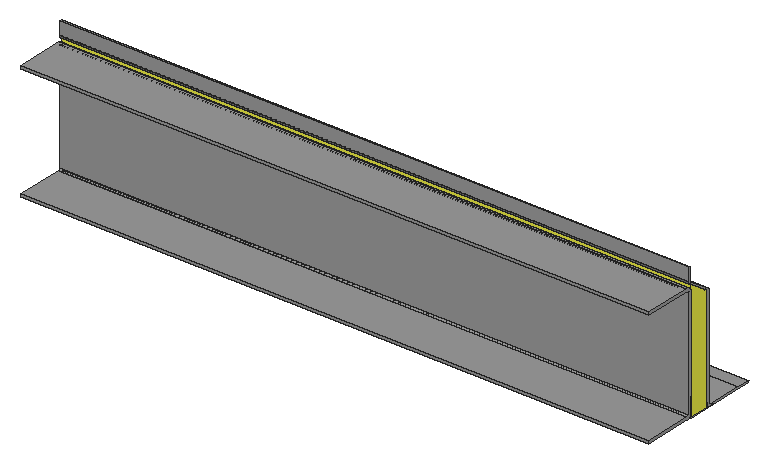
Revit family "K 50", category Generic Models, Revit 2014
Parameters (values of type "Max lintel length 3000mm")
  URL = "http://www.keystonelintels.co.uk"
  Structural Opening [instance] = 900 mm
  Structural Performance = "The Keystone lintel range has safe working loads as detailed in each applicable loading table in the Keystone Lintel Guide brochure. The structural performance figures within each table have been ascertained by testing in accordance with the requirements of standards BS EN 5977-2: 1983 and BS EN 845-2: 2003."
  RIBA Productor Selector = "available for Keystone Lintels Ltd from Keystone Lintels Ltd from ribaproductselector.com"
  Model = "TJ/K 50"
  Min Length = 600 mm
  Min Clear Span = 300 mm
  Max Length = 3000 mm
  Max Clear Span = 3000 mm
  Material - Stainless Steel = "Grade 304 2b 1.4307 to BS EN 10088-2. Other grades available on request: contact manufacturer."
  Material - Galvanised Steel = "To BS EN 10346: 2009. DX51D plus Z600 or grade Z275 to BS 5977-2: 1983 (BS EN 845-2: 2003)."
  Manufacturer = "Keystone"
  Manufactured Length [instance] = (roundup(Effective Length / 150 mm) * 150 mm)  # 1200 mm
  Lintel height [instance] = 2100 mm
  Keynote = "F30/755"
  Fire Performance = "Keystone lintels have been subjected to a fire test (WARRES No. 101263) in accordance with BS 476-20: 1987, at Exova Warrington Fire and achieved a one hour fire performance."
  End Bearing = 150 mm
  Effective Length [instance] = Clear Opening with MIN MAX set + End Bearing * 2  # 1200 mm
  Corrosion = "Keystone’s standard range of lintels are manufactured from high quality grade pre-galvanized carbon steel with a zinc coating of 600"
  Contact Tel = "+44 (0)28 8676 2184"
  Contact Email = "info@keystonelintels.co.uk"
  Clear Opening with MIN MAX set [instance] = if(Structural Opening < Min Clear Span, Min Clear Span, (if(Structural Opening > Max Clear Span, Max Clear Span, Structural Opening)))  # 900 mm
  CPD Information = "Available for Keystone Lintels Ltd from ribacpd.com"
Reference planes
  plane 1 "Center (Front/Back)": y = 0
  plane 2: z = 0
  plane 3 "Center (Left/Right)": x = 0
  plane 4: x = -600
  plane 5: x = 600
  plane 6: z = 2100
  plane 7: x = -450
  plane 8: x = 450
Forms (mm)
  Extrusion 1, solid, material "Steel"
    sketch origin (0, 696.177, -480.741) x (0, 1, 0) y (0, 0, 1)
      loop
        line (-598.088, 2579.87) -> (-597.977, 2583.068) -> (-622.977, 2583.941) -> (-688.277, 2583.941)
        arc (-688.277, 2583.941) -> (-691.6, 2585.318) -> (-692.977, 2588.641) r 4.7
        line (-692.977, 2588.641) -> (-692.977, 2780.606)
        arc (-692.977, 2780.606) -> (-693.564, 2783.006) -> (-695.192, 2784.864) r 5.2
        line (-695.192, 2784.864) -> (-736.925, 2814.121)
        arc (-736.925, 2814.121) -> (-737.551, 2814.836) -> (-737.777, 2815.759) r 2
        line (-737.777, 2815.759) -> (-737.777, 2840.741) -> (-740.977, 2840.741) -> (-740.977, 2815.759)
        arc (-740.977, 2815.759) -> (-740.39, 2813.359) -> (-738.762, 2811.501) r 5.2
        line (-738.762, 2811.501) -> (-697.029, 2782.244)
        arc (-697.029, 2782.244) -> (-696.402, 2781.529) -> (-696.177, 2780.606) r 2
        line (-696.177, 2780.606) -> (-696.177, 2588.641)
        arc (-696.177, 2588.641) -> (-693.863, 2583.055) -> (-688.277, 2580.741) r 7.9
        line (-688.277, 2580.741) -> (-623.033, 2580.741) -> (-598.088, 2579.87)
    from -600 to 600
  Extrusion 2, solid, material "Steel"
    sketch origin (0, 696.177, -480.754) x (0, 1, 0) y (0, 0, 1)
      loop
        line (-835.996, 2580.754) -> (-743.896, 2580.754)
        arc (-743.896, 2580.754) -> (-738.31, 2583.068) -> (-735.996, 2588.654) r 7.9
        line (-735.996, 2588.654) -> (-735.996, 2797.854)
        arc (-735.996, 2797.854) -> (-738.31, 2803.44) -> (-743.896, 2805.754) r 7.9
        line (-743.896, 2805.754) -> (-835.996, 2805.754) -> (-835.996, 2800.754) -> (-743.896, 2800.754)
        arc (-743.896, 2800.754) -> (-741.845, 2799.905) -> (-740.996, 2797.854) r 2.9
        line (-740.996, 2797.854) -> (-740.996, 2588.654)
        arc (-740.996, 2588.654) -> (-741.845, 2586.603) -> (-743.896, 2585.754) r 2.9
        line (-743.896, 2585.754) -> (-835.996, 2585.754) -> (-835.996, 2580.754)
    from -600 to 600
  Extrusion 3, solid, material "Steel"
    sketch origin (0, 696.177, -480.741) x (0, 1, 0) y (0, 0, 1)
      loop
        line (-679.35, 2579.741) -> (-679.35, 2580.741) -> (-696.35, 2580.741) -> (-696.35, 2588.741) -> (-697.35, 2588.741) -> (-697.35, 2580.741) -> (-731.996, 2580.741)
        arc (-731.996, 2580.741) -> (-734.117, 2581.62) -> (-734.996, 2583.741) r 3
        line (-734.996, 2583.741) -> (-734.996, 2594.441) -> (-734.996, 2618.741) -> (-735.996, 2618.741) -> (-735.996, 2594.441) -> (-735.996, 2583.741)
        arc (-735.996, 2583.741) -> (-734.824, 2580.913) -> (-731.996, 2579.741) r 4
        line (-731.996, 2579.741) -> (-679.35, 2579.741)
    from -600 to 600
  Extrusion 4, solid, material "Insulation"
    sketch origin (0, 696.177, -480.741) x (0, 1, 0) y (0, 0, 1)
      loop
        line (-731.996, 2580.741) -> (-697.35, 2580.741) -> (-697.35, 2588.741) -> (-696.35, 2588.741) -> (-696.35, 2580.741) -> (-688.277, 2580.741)
        arc (-688.277, 2580.741) -> (-693.863, 2583.055) -> (-696.177, 2588.641) r 7.9
        line (-696.177, 2588.641) -> (-696.177, 2780.606)
        arc (-696.177, 2780.606) -> (-696.402, 2781.529) -> (-697.029, 2782.244) r 2
        line (-697.029, 2782.244) -> (-735.996, 2809.562) -> (-735.996, 2618.741) -> (-734.996, 2618.741) -> (-734.996, 2594.441) -> (-734.996, 2583.741)
        arc (-734.996, 2583.741) -> (-734.117, 2581.62) -> (-731.996, 2580.741) r 3
    from -600 to 600
  Extrusion 5, solid, not visible
    sketch origin (0, 982.293, 1319.96) x (0, 1, 0) y (0, 0, 1)
      loop
        line (-598.088, 979.87) -> (-597.977, 983.068) -> (-622.977, 983.941) -> (-688.277, 983.941)
        arc (-688.277, 983.941) -> (-691.6, 985.318) -> (-692.977, 988.641) r 4.7
        line (-692.977, 988.641) -> (-692.977, 1180.606)
        arc (-692.977, 1180.606) -> (-693.564, 1183.006) -> (-695.192, 1184.864) r 5.2
        line (-695.192, 1184.864) -> (-736.925, 1214.121)
        arc (-736.925, 1214.121) -> (-737.551, 1214.836) -> (-737.777, 1215.759) r 2
        line (-737.777, 1215.759) -> (-737.777, 1240.741) -> (-740.977, 1240.741) -> (-740.977, 1215.759)
        arc (-740.977, 1215.759) -> (-740.39, 1213.359) -> (-738.762, 1211.501) r 5.2
        line (-738.762, 1211.501) -> (-697.029, 1182.244)
        arc (-697.029, 1182.244) -> (-696.402, 1181.529) -> (-696.177, 1180.606) r 2
        line (-696.177, 1180.606) -> (-696.177, 988.641)
        arc (-696.177, 988.641) -> (-693.863, 983.055) -> (-688.277, 980.741) r 7.9
        line (-688.277, 980.741) -> (-623.033, 980.741) -> (-598.088, 979.87)
    from 0 to 250
  Extrusion 6, solid, not visible
    sketch origin (0, 604.076, 1229.867) x (0, 1, 0) y (0, 0, 1)
      loop
        line (-835.996, 980.754) -> (-743.896, 980.754)
        arc (-743.896, 980.754) -> (-738.31, 983.068) -> (-735.996, 988.654) r 7.9
        line (-735.996, 988.654) -> (-735.996, 1197.854)
        arc (-735.996, 1197.854) -> (-738.31, 1203.44) -> (-743.896, 1205.754) r 7.9
        line (-743.896, 1205.754) -> (-835.996, 1205.754) -> (-835.996, 1200.754) -> (-743.896, 1200.754)
        arc (-743.896, 1200.754) -> (-741.845, 1199.905) -> (-740.996, 1197.854) r 2.9
        line (-740.996, 1197.854) -> (-740.996, 988.654)
        arc (-740.996, 988.654) -> (-741.845, 986.603) -> (-743.896, 985.754) r 2.9
        line (-743.896, 985.754) -> (-835.996, 985.754) -> (-835.996, 980.754)
    from 0 to 250
  Extrusion 7, solid, not visible
    sketch origin (0, 872.724, 977.195) x (0, 1, 0) y (0, 0, 1)
      loop
        line (-679.35, 979.741) -> (-679.35, 980.741) -> (-696.35, 980.741) -> (-696.35, 988.741) -> (-697.35, 988.741) -> (-697.35, 980.741) -> (-731.996, 980.741)
        arc (-731.996, 980.741) -> (-734.117, 981.62) -> (-734.996, 983.741) r 3
        line (-734.996, 983.741) -> (-734.996, 994.441) -> (-734.996, 1018.741) -> (-735.996, 1018.741) -> (-735.996, 994.441) -> (-735.996, 983.741)
        arc (-735.996, 983.741) -> (-734.824, 980.913) -> (-731.996, 979.741) r 4
        line (-731.996, 979.741) -> (-679.35, 979.741)
    from 0 to 250
  Extrusion 8, solid, not visible
    sketch origin (0, 508.491, 816.715) x (0, 1, 0) y (0, 0, 1)
      loop
        line (-731.996, 980.741) -> (-697.35, 980.741) -> (-697.35, 988.741) -> (-696.35, 988.741) -> (-696.35, 980.741) -> (-688.277, 980.741)
        arc (-688.277, 980.741) -> (-693.863, 983.055) -> (-696.177, 988.641) r 7.9
        line (-696.177, 988.641) -> (-696.177, 1180.606)
        arc (-696.177, 1180.606) -> (-696.402, 1181.529) -> (-697.029, 1182.244) r 2
        line (-697.029, 1182.244) -> (-735.996, 1209.562) -> (-735.996, 1018.741) -> (-734.996, 1018.741) -> (-734.996, 994.441) -> (-734.996, 983.741)
        arc (-734.996, 983.741) -> (-734.117, 981.62) -> (-731.996, 980.741) r 3
    from 0 to 250
Dimensions and locks
  equal spacing: plane 4, plane 3 "Center (Left/Right)", plane 5
  "Manufactured Length": plane 4 to plane 5
  "Lintel height": plane 6 to level
  "Structural Opening": plane 7 to plane 8
  equal spacing: plane 7, plane 3 "Center (Left/Right)", plane 8
  aligned and locked: level to plane 2
  aligned and locked: Extrusion 1 to plane 6
  aligned and locked: Extrusion 4 to plane 6
  aligned and locked: plane 6 to Extrusion 3
  aligned and locked: Extrusion 2 to plane 6
  aligned and locked: plane 5 to Extrusion 2
  aligned and locked: Extrusion 2 to plane 4
  aligned and locked: plane 5 to Extrusion 4
  aligned and locked: Extrusion 4 to plane 4
  aligned and locked: plane 5 to Extrusion 1
  aligned and locked: Extrusion 1 to plane 4
  aligned and locked: plane 5 to Extrusion 3
  aligned and locked: Extrusion 3 to plane 4
Automatic sketch dimensions
  Extrusion 1 sketch curve to Extrusion 1 sketch curve = 65.244 mm
  Extrusion 1 sketch curve to Extrusion 1 sketch curve = 24.944 mm
  Extrusion 1 sketch curve to Extrusion 1 sketch curve = 0.871 mm
  Extrusion 1 sketch curve to Extrusion 1 sketch curve = 0.112 mm
  Extrusion 1 sketch curve to Extrusion 1 sketch curve = 0.056 mm
  Extrusion 1 sketch curve to Extrusion 1 sketch curve = 4.7 mm
  Extrusion 1 sketch curve to Extrusion 1 sketch curve = 0 mm  (x12)
  Extrusion 1 sketch curve to Extrusion 1 sketch curve = 191.965 mm
  Extrusion 1 sketch curve to Extrusion 1 sketch curve = 2 mm
  Extrusion 1 sketch curve to Extrusion 1 sketch curve = 0.852 mm
  Extrusion 1 sketch curve to Extrusion 1 sketch curve = 41.733 mm
  Extrusion 1 sketch curve to Extrusion 1 sketch curve = 29.257 mm
  Extrusion 1 sketch curve to Extrusion 1 sketch curve = 1.837 mm  (x2)
  Extrusion 1 sketch curve to Extrusion 1 sketch curve = 2.62 mm
  Extrusion 1 sketch curve to Extrusion 1 sketch curve = 1.148 mm
  Extrusion 1 sketch curve to Extrusion 1 sketch curve = 1.638 mm
  Extrusion 1 sketch curve to Extrusion 1 sketch curve = 24.982 mm
  Extrusion 2 sketch curve to Extrusion 2 sketch curve = 92.1 mm  (x2)
  Extrusion 2 sketch curve to Extrusion 2 sketch curve = 2.9 mm  (x2)
  Extrusion 2 sketch curve to Extrusion 2 sketch curve = 5 mm
  Extrusion 2 sketch curve to Extrusion 2 sketch curve = 209.2 mm
  Extrusion 2 sketch curve to Extrusion 2 sketch curve = 0 mm  (x8)
  Extrusion 3 sketch curve to Extrusion 3 sketch curve = 1 mm  (x2)
  Extrusion 3 sketch curve to Extrusion 3 sketch curve = 17 mm
  Extrusion 3 sketch curve to Extrusion 3 sketch curve = 35.646 mm
  Extrusion 3 sketch curve to Extrusion 3 sketch curve = 8 mm
  Extrusion 3 sketch curve to Extrusion 3 sketch curve = 0 mm  (x6)
  Extrusion 3 sketch curve to Extrusion 3 sketch curve = 3 mm
  Extrusion 3 sketch curve to Extrusion 3 sketch curve = 10.7 mm
  Extrusion 3 sketch curve to Extrusion 3 sketch curve = 24.3 mm
  Extrusion 4 sketch curve to Extrusion 4 sketch curve = 34.646 mm
  Extrusion 4 sketch curve to Extrusion 4 sketch curve = 8.073 mm
  Extrusion 4 sketch curve to Extrusion 4 sketch curve = 9.073 mm
  Extrusion 4 sketch curve to Extrusion 4 sketch curve = 7.9 mm  (x2)
  Extrusion 4 sketch curve to Extrusion 4 sketch curve = 1 mm  (x2)
  Extrusion 4 sketch curve to Extrusion 4 sketch curve = 0.1 mm
  Extrusion 4 sketch curve to Extrusion 4 sketch curve = 0 mm
  Extrusion 4 sketch curve to Extrusion 4 sketch curve = 191.865 mm
  Extrusion 4 sketch curve to Extrusion 4 sketch curve = 3 mm
  Extrusion 4 sketch curve to Extrusion 4 sketch curve = 10.7 mm
  Extrusion 4 sketch curve to Extrusion 4 sketch curve = 24.3 mm
  Extrusion 4 sketch curve to Extrusion 4 sketch curve = 28.956 mm
  Extrusion 4 sketch curve to Extrusion 4 sketch curve = 2 mm
  Extrusion 4 sketch curve to Extrusion 4 sketch curve = 0.852 mm
  Extrusion 5 sketch curve to Extrusion 5 sketch curve = 65.244 mm
  Extrusion 5 sketch curve to Extrusion 5 sketch curve = 24.944 mm
  Extrusion 5 sketch curve to Extrusion 5 sketch curve = 0.871 mm
  Extrusion 5 sketch curve to Extrusion 5 sketch curve = 0.112 mm
  Extrusion 5 sketch curve to Extrusion 5 sketch curve = 0.056 mm
  Extrusion 5 sketch curve to Extrusion 5 sketch curve = 4.7 mm
  Extrusion 5 sketch curve to Extrusion 5 sketch curve = 0 mm  (x12)
  Extrusion 5 sketch curve to Extrusion 5 sketch curve = 191.965 mm
  Extrusion 5 sketch curve to Extrusion 5 sketch curve = 2 mm
  Extrusion 5 sketch curve to Extrusion 5 sketch curve = 0.852 mm
  Extrusion 5 sketch curve to Extrusion 5 sketch curve = 41.733 mm
  Extrusion 5 sketch curve to Extrusion 5 sketch curve = 29.257 mm
  Extrusion 5 sketch curve to Extrusion 5 sketch curve = 1.837 mm  (x2)
  Extrusion 5 sketch curve to Extrusion 5 sketch curve = 2.62 mm
  Extrusion 5 sketch curve to Extrusion 5 sketch curve = 1.148 mm
  Extrusion 5 sketch curve to Extrusion 5 sketch curve = 1.638 mm
  Extrusion 5 sketch curve to Extrusion 5 sketch curve = 24.982 mm
  Extrusion 6 sketch curve to Extrusion 6 sketch curve = 92.1 mm  (x2)
  Extrusion 6 sketch curve to Extrusion 6 sketch curve = 2.9 mm  (x2)
  Extrusion 6 sketch curve to Extrusion 6 sketch curve = 5 mm
  Extrusion 6 sketch curve to Extrusion 6 sketch curve = 209.2 mm
  Extrusion 6 sketch curve to Extrusion 6 sketch curve = 0 mm  (x8)
  Extrusion 7 sketch curve to Extrusion 7 sketch curve = 1 mm  (x2)
  Extrusion 7 sketch curve to Extrusion 7 sketch curve = 17 mm
  Extrusion 7 sketch curve to Extrusion 7 sketch curve = 35.646 mm
  Extrusion 7 sketch curve to Extrusion 7 sketch curve = 8 mm
  Extrusion 7 sketch curve to Extrusion 7 sketch curve = 0 mm  (x6)
  Extrusion 7 sketch curve to Extrusion 7 sketch curve = 3 mm
  Extrusion 7 sketch curve to Extrusion 7 sketch curve = 10.7 mm
  Extrusion 7 sketch curve to Extrusion 7 sketch curve = 24.3 mm
  Extrusion 8 sketch curve to Extrusion 8 sketch curve = 34.646 mm
  Extrusion 8 sketch curve to Extrusion 8 sketch curve = 8.073 mm
  Extrusion 8 sketch curve to Extrusion 8 sketch curve = 9.073 mm
  Extrusion 8 sketch curve to Extrusion 8 sketch curve = 7.9 mm  (x2)
  Extrusion 8 sketch curve to Extrusion 8 sketch curve = 1 mm  (x2)
  Extrusion 8 sketch curve to Extrusion 8 sketch curve = 0.1 mm
  Extrusion 8 sketch curve to Extrusion 8 sketch curve = 0 mm
  Extrusion 8 sketch curve to Extrusion 8 sketch curve = 191.865 mm
  Extrusion 8 sketch curve to Extrusion 8 sketch curve = 3 mm
  Extrusion 8 sketch curve to Extrusion 8 sketch curve = 10.7 mm
  Extrusion 8 sketch curve to Extrusion 8 sketch curve = 24.3 mm
  Extrusion 8 sketch curve to Extrusion 8 sketch curve = 28.956 mm
  Extrusion 8 sketch curve to Extrusion 8 sketch curve = 2 mm
  Extrusion 8 sketch curve to Extrusion 8 sketch curve = 0.852 mm
  Extrusion 2 sketch curve to plane 6 = 0 mm
  plane 1 "Center (Front/Back)" to Extrusion 2 sketch curve = 139.819 mm
  Extrusion 4 sketch curve to plane 6 = 0 mm
  Extrusion 4 sketch curve to plane 1 "Center (Front/Back)" = 0 mm
  Extrusion 3 sketch curve to plane 6 = 0 mm
  plane 1 "Center (Front/Back)" to Extrusion 3 sketch curve = 39.819 mm
  Extrusion 1 sketch curve to plane 1 "Center (Front/Back)" = 0 mm
  Extrusion 1 sketch curve to plane 6 = 0 mm
